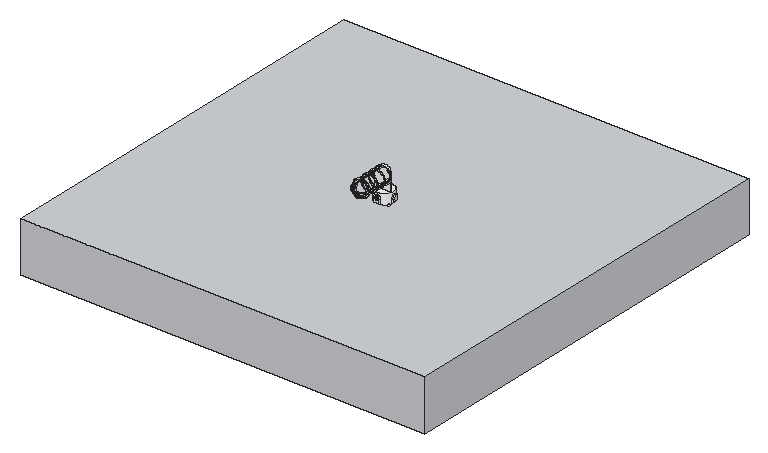
Revit family "VBGG", category Lighting Fixtures, host Face, Revit 2012
Parameters (values of type "VBGG-VWGG-Wall Mount")
  Wattage Comments = "150/300 W"
  Wattage = 9.2903 W
  built-in parameter 1150110 = 1 (stored number, unit not read)
  URL = "http://www.hubbelloutdoor.com/"
  built-in parameter 1114217 = 1 (stored number, unit not read)
  built-in parameter 1150109 = 1 (stored number, unit not read)
  built-in parameter 1150134 = 3
  built-in parameter 1150113 = 1 (stored number, unit not read)
  Product Page URL = "http://www.hubbelloutdoor.com/products/vaportites"
  Product Documentation Link = "http://www.hubbelloutdoor.com/content/products/specs/specs_files/vaportites.pdf"
  Mounting = "Wall Mount"  # constant formula
  Model = "VBGG"  # constant formula
  Manufacturer Phone = "(864)-678-1000"  # constant formula
  Manufacturer Fax = "(864)-678-1415"  # constant formula
  Manufacturer = "Hubbell Outdoor Lighting"  # constant formula
  built-in parameter 1150105 = 109.82 (stored number, unit not read)
  Lumens = 1380 lm
  built-in parameter 1150115 = 1 (stored number, unit not read)
  Light Source Symbol Size = 3.000"
  built-in parameter 1150137 = (empty or 0)
  built-in parameter 1150139 = (empty or 0)
  built-in parameter 1150112 = 1 (stored number, unit not read)
  built-in parameter 1150114 = 1 (stored number, unit not read)
  Lamp = "Incandescent."  # constant formula
  built-in parameter 1150132 = (empty or 0)
  built-in parameter 1150102 = (empty or 0)
  built-in parameter 1150107 = 3200 (stored number, unit not read)
  built-in parameter 1150138 = (empty or 0)
  built-in parameter 1150106 = 1.0982 (stored number, unit not read)
  Glass = Etched Glass
  Family = "Outdoor Emergency Lighting"  # constant formula
  built-in parameter 1150104 = 13.8 (stored number, unit not read)
  Dimming Lamp Color Temperature Shift = <None>
  Description = "Wall mount or box/pendent, units completely assembled. Complete with glass globe and guard. Platinum powder finish. 150 or 300 watt sizes."  # constant formula
  Default Elevation = 48.000"
  Color Filter = 16777215
  built-in parameter 1114218 = 1 (stored number, unit not read)
  Backbox = Platinum Powder Finish
  built-in parameter 1150133 = 10 (stored number, unit not read)
Reference planes (in)
  plane 1 "Center (Front/Back)": y = 0.03999
  plane 2: z = 0.06357
  plane 3 "Center (Left/Right)": x = 0.01104
  plane 4: y = -1.96001
  plane 5: y = 2.03999
  plane 6: z = 7.31357
  plane 7: z = 4.21382
  plane 8: z = 0.16585
  plane 9: z = 8.06357
  plane 10: x = 7.51104
  plane 11: through (2.01042, -0.36342, 48.06357) normal (-0.0015, -1, 0)
  plane 12: y = -8.71008
  plane 13: y = 2.28992
Forms (in)
  Extrusion 1, solid
    sketch origin (0, 0, 0.06357) x (1, 0, 0) y (0, 1, 0)
      loop
        line (-48, 48) -> (-48, -48) -> (48, -48) -> (48, 48) -> (-48, 48)
    from 0 to -12
  Revolve 2, solid, material "Etched Glass" <- "Glass"
    sketch origin (0.01348, 1.42081, 5.31579) x (0, 0, -1) y (-0.001549, -0.999999, 0)
      loop
        line (-1.79687, 1.90523) -> (-1.69687, 1.90523) -> (-1.69687, 8.39529)
        arc (-1.69687, 8.39529) -> (-1.19294, 9.58231) -> (0.01104, 10.04427) r 1.65
        line (0.01104, 10.04427) -> (0.01104, 10.14529) -> (-0.04687, 10.14529)
        arc (-0.04687, 10.14529) -> (-1.28431, 9.63272) -> (-1.79687, 8.39529) r 1.75
        line (-1.79687, 8.39529) -> (-1.79687, 1.90523)
      axis (0.01104, 1.90523) -> (0.01104, 10.14529)
    angle from 0 to 360
  Blend 3, solid, material "Platinum Powder Finish" <- "Backbox"
    base sketch origin (-0.02893, 0.05109, 0.06357) x (-0.001549, -0.999999, 0) y (0.999999, -0.001549, 0)
      loop
        circle (0, 0.03999) r 2.25
    top sketch origin (-0.02893, 0.05109, 0.06357) x (-0.001549, -0.999999, 0) y (0.999999, -0.001549, 0)
      loop
        circle (0, 0.03999) r 2.12014
    from 0 to 2.20647
  Sweep 4, solid, material "Platinum Powder Finish" <- "Backbox"
    path origin (0.05735, 1.64528, 5.31401) x (0.001549, 0.999999, 0) y (-0.999999, 0.001549, 0)
      loop
        line (-2.26895, -1.90654) -> (-8.4606, -1.91614)
        arc (-8.4606, -1.91614) -> (-9.77084, -1.3752) -> (-10.31381, -0.0658) r 1.85034
        line (-10.31381, -0.0658) -> (-10.31381, -0.00194) -> (-10.31381, 0.04189) -> (-10.31381, 0.14957)
        arc (-10.31381, 0.14957) -> (-9.77287, 1.45695) -> (-8.46633, 1.99991) r 1.85034
        line (-8.46633, 1.99991) -> (-2.27502, 2.0095)
    profile origin (1.96038, -3.72245, 5.31401) x (1, 0, 0) y (0, 0, 1)
      loop
        line (0.04179, 0.02975) -> (-0.10321, 0.02975) -> (-0.10321, -0.03025) -> (0.04179, -0.03025) -> (0.04179, 0.02975)
  Sweep 5, solid, material "Platinum Powder Finish" <- "Backbox"
    path origin (-0.0222, 3.79612, 5.29338) x (0, 0, -1) y (0.999999, -0.001549, 0)
      loop
        circle (-0.01137, 0.04) r 1.80791
    profile origin (1.82571, 3.79325, 5.30475) x (-0.001549, -0.999999, 0) y (0.999999, -0.001549, 0)
      loop
        line (6.02412, 0.19209) -> (6.02412, 0.04079) -> (6.08412, 0.04079) -> (6.08412, 0.19209) -> (6.02412, 0.19209)
  Sweep 6, solid, material "Platinum Powder Finish" <- "Backbox"
    path origin (-0.02966, -1.35686, 5.37194) x (0, 0, -1) y (0.999999, -0.001549, 0)
      loop
        circle (0.0672, 0.03999) r 1.80791
    profile origin (1.81824, -1.35972, 5.30475) x (-0.001549, -0.999999, 0) y (0.999999, -0.001549, 0)
      loop
        line (3.02501, 0.19209) -> (3.02501, 0.0469) -> (3.08501, 0.0469) -> (3.08501, 0.19209) -> (3.02501, 0.19209)
  Sweep 7, solid, material "Platinum Powder Finish" <- "Backbox"
    path origin (-0.03293, -3.7793, 5.3248) x (0, 0, -1) y (0.999999, -0.001549, 0)
      loop
        circle (0.02006, 0.03999) r 1.80791
    profile origin (1.81497, -3.78217, 5.30475) x (-0.001549, -0.999999, 0) y (0.999999, -0.001549, 0)
      loop
        line (3.02501, 0.19209) -> (3.02501, 0.0469) -> (3.08501, 0.0469) -> (3.08501, 0.19209) -> (3.02501, 0.19209)
  Extrusion 8, solid, material "Platinum Powder Finish" <- "Backbox"
    sketch origin (-0.01168, 0.01975, 0.06357) x (0.831405, -0.555667, 0) y (0.555667, 0.831405, 0)
      loop
        line (-2.2373, 0.26261) -> (-2.54608, 0.26261)
        arc (-2.54608, 0.26261) -> (-2.7687, 0.03999) -> (-2.54608, -0.18263) r 0.22262
        line (-2.54608, -0.18263) -> (-2.23757, -0.18263)
        arc (-2.23757, -0.18263) -> (-2.24848, 0.04) -> (-2.2373, 0.26261) r 2.25
      loop
        circle (-2.60687, 0.03999) r 0.11437
      loop
        arc (2.24076, 0.25841) -> (2.25152, 0.03578) -> (2.2402, -0.18683) r 2.25
        line (2.2402, -0.18683) -> (2.54507, -0.18683)
        arc (2.54507, -0.18683) -> (2.76769, 0.03579) -> (2.54507, 0.25841) r 0.22262
        line (2.54507, 0.25841) -> (2.24076, 0.25841)
      loop
        circle (2.60586, 0.03579) r 0.11437
    from 0 to 0.10229
  Extrusion 9, solid, material "Platinum Powder Finish" <- "Backbox"
    sketch origin (0.01106, 0.05103, 0) x (-0.001549, -0.999999, 0) y (0, 0, 1)
      loop
        line (-0.59394, 0.06357) -> (0.61602, 0.06357) -> (0.61602, 1.20668)
        arc (0.61602, 1.20668) -> (0.01104, 1.81166) -> (-0.59394, 1.20668) r 0.60498
        line (-0.59394, 1.20668) -> (-0.59394, 0.06357)
      loop
        circle (0.01104, 1.20668) r 0.40031
    from 2 to 2.24741
  Extrusion 10, solid, material "Platinum Powder Finish" <- "Backbox"
    sketch origin (0.01106, 0.05103, 0) x (-0.001549, -0.999999, 0) y (0, 0, 1)
      loop
        circle (0.01104, 1.20668) r 0.40031
      loop
        line (0.25108, 1.33256) -> (0.02477, 1.24271) -> (-0.06416, 1.4667) -> (-0.10982, 1.44857) -> (-0.02089, 1.22459) -> (-0.24954, 1.13381) -> (-0.23226, 1.09028) -> (-0.00361, 1.18106) -> (0.08975, 0.9459) -> (0.13541, 0.96403) -> (0.04205, 1.19918) -> (0.26836, 1.28903) -> (0.25108, 1.33256)
    from 2 to 2.24741
  Extrusion 11, solid, material "Platinum Powder Finish" <- "Backbox"
    sketch origin (0.01106, 0.05103, 0) x (-0.001549, -0.999999, 0) y (0, 0, -1)
      loop
        line (-0.59394, -0.06357) -> (-0.59394, -1.20668)
        arc (-0.59394, -1.20668) -> (0.01104, -1.81166) -> (0.61602, -1.20668) r 0.60498
        line (0.61602, -1.20668) -> (0.61602, -0.06357) -> (-0.59394, -0.06357)
      loop
        circle (0.01104, -1.20668) r 0.40031
    from 2 to 2.24741
  Extrusion 12, solid, material "Platinum Powder Finish" <- "Backbox"
    sketch origin (0.01106, 0.05103, 0) x (-0.001549, -0.999999, 0) y (0, 0, -1)
      loop
        circle (0.01104, -1.20668) r 0.40031
      loop
        line (0.25108, -1.33256) -> (0.26836, -1.28903) -> (0.04205, -1.19918) -> (0.13541, -0.96403) -> (0.08975, -0.9459) -> (-0.00361, -1.18106) -> (-0.23226, -1.09028) -> (-0.24954, -1.13381) -> (-0.02089, -1.22459) -> (-0.10982, -1.44857) -> (-0.06416, -1.4667) -> (0.02477, -1.24271) -> (0.25108, -1.33256)
    from 2 to 2.24741
  Extrusion 13, solid, material "Platinum Powder Finish" <- "Backbox"
    sketch origin (-0.00553, 4.28897, 0) x (-0.999999, 0.001549, 0) y (0, 0, -1)
      loop
        line (-0.59394, -0.06357) -> (-0.59394, -1.20668)
        arc (-0.59394, -1.20668) -> (0.01104, -1.81166) -> (0.61602, -1.20668) r 0.60498
        line (0.61602, -1.20668) -> (0.61602, -0.06357) -> (-0.59394, -0.06357)
      loop
        circle (0.01104, -1.20668) r 0.40031
    from 2 to 2.24741
  Extrusion 14, solid, material "Platinum Powder Finish" <- "Backbox"
    sketch origin (-0.00553, 4.29002, 0) x (-0.999999, 0.001549, 0) y (0, 0, -1)
      loop
        circle (0.01104, -1.20668) r 0.40031
      loop
        line (0.25108, -1.33256) -> (0.26836, -1.28903) -> (0.04205, -1.19918) -> (0.13541, -0.96403) -> (0.08975, -0.9459) -> (-0.00361, -1.18106) -> (-0.23226, -1.09028) -> (-0.24954, -1.13381) -> (-0.02089, -1.22459) -> (-0.10982, -1.44857) -> (-0.06416, -1.4667) -> (0.02477, -1.24271) -> (0.25108, -1.33256)
    from 2 to 2.24846
  Extrusion 15, solid, material "Platinum Powder Finish" <- "Backbox"
    sketch origin (-0.0187, -4.20997, 0) x (-0.999999, 0.001549, 0) y (0, 0, 1)
      loop
        line (-0.59394, 0.06357) -> (0.61602, 0.06357) -> (0.61602, 1.20668)
        arc (0.61602, 1.20668) -> (0.01104, 1.81166) -> (-0.59394, 1.20668) r 0.60498
        line (-0.59394, 1.20668) -> (-0.59394, 0.06357)
      loop
        circle (0.01104, 1.20668) r 0.40031
    from 2 to 2.24741
  Extrusion 16, solid, material "Platinum Powder Finish" <- "Backbox"
    sketch origin (-0.0187, -4.20997, 0) x (-0.999999, 0.001549, 0) y (0, 0, 1)
      loop
        circle (0.01104, 1.20668) r 0.40031
      loop
        line (0.25108, 1.33256) -> (0.02477, 1.24271) -> (-0.06416, 1.4667) -> (-0.10982, 1.44857) -> (-0.02089, 1.22459) -> (-0.24954, 1.13381) -> (-0.23226, 1.09028) -> (-0.00361, 1.18106) -> (0.08975, 0.9459) -> (0.13541, 0.96403) -> (0.04205, 1.19918) -> (0.26836, 1.28903) -> (0.25108, 1.33256)
    from 2 to 2.24741
  Extrusion 17, solid, material "Platinum Powder Finish" <- "Backbox"
    sketch origin (-0.02893, 0.05109, 0.06357) x (-0.001549, -0.999999, 0) y (0.999999, -0.001549, 0)
      loop
        line (0.53266, 1.84409) -> (0.27252, 1.84368)
        arc (0.27252, 1.84368) -> (-0.29343, 0.04242) -> (0.25942, -1.76291) r 3.18629
        line (0.25942, -1.76291) -> (0.53825, -1.76248) -> (0.53266, 1.84409)
    from 2.20647 to 7.15907
  Sweep 18, solid, material "Platinum Powder Finish" <- "Backbox"
    path origin (0.01328, 1.64534, 5.35758) x (0, 0, -1) y (0.001549, 0.999999, 0)
      loop
        line (-1.9142, -2.27197) -> (-1.9142, -8.4633)
        arc (-1.9142, -8.4633) -> (-1.37225, -9.77169) -> (-0.06386, -10.31364) r 1.85034
        line (-0.06386, -10.31364) -> (0, -10.31364) -> (0.04382, -10.31364) -> (0.15151, -10.31364)
        arc (0.15151, -10.31364) -> (1.4599, -9.77169) -> (2.00185, -8.4633) r 1.85034
        line (2.00185, -8.4633) -> (2.00185, -2.27197)
    profile origin (0.00496, -3.72229, 7.27178) x (0, 0, -1) y (0.999999, -0.001549, 0)
      loop
        line (-0.04179, -0.02975) -> (0.10321, -0.02975) -> (0.10321, 0.03025) -> (-0.04179, 0.03025) -> (-0.04179, -0.02975)
  Extrusion 19, void
    sketch origin (-0.02895, 0.04005, -0.90907) x (0.999999, -0.001549, 0) y (0, 0, 1)
      loop
        line (1.85481, 6.19283) -> (2.28999, 6.19283) -> (2.28999, 8.22173) -> (-2.21001, 8.22173) -> (-2.21001, 6.19283) -> (-1.77483, 6.19283)
        arc (-1.77483, 6.19283) -> (0.03999, 8.06864) -> (1.85481, 6.19283) r 1.81581
    from -1.07272 to 0.52938
  Extrusion 20, solid, material "Platinum Powder Finish" <- "Backbox"
    sketch origin (0, 0.03999, 0) x (1, 0, 0) y (0, 0, 1)
      loop
        arc (0.00228, 3.30475) -> (2.00706, 5.3047) -> (0.00237, 7.30474) r 2
        arc (0.00237, 7.30474) -> (-1.99294, 5.30479) -> (0.00228, 3.30475) r 2
    from 0.66661 to 0.52441
Cuts and joins
  Extrusion 19 cuts Sweep 7
  Extrusion 19 cuts Extrusion 9
  joined: Sweep 7, Extrusion 9
  Extrusion 19 cuts Sweep 4
  joined: Sweep 4, Sweep 18
  Extrusion 19 cuts Sweep 5
  Extrusion 19 cuts Sweep 6
  Extrusion 19 cuts Extrusion 17
  joined: Blend 3, Extrusion 13, Extrusion 15, Extrusion 17
Dimensions and locks (in)
  locked: plane 4 to plane 1 "Center (Front/Back)" at 2
  locked: plane 5 to plane 1 "Center (Front/Back)" at 2
  Extrusion 9 sketch curve to Extrusion 9 sketch curve = 1.20996"
  Extrusion 11 sketch curve to Extrusion 11 sketch curve = 1.20996"
  Extrusion 13 sketch curve to Extrusion 13 sketch curve = 1.20996"
  Extrusion 15 sketch curve to Extrusion 15 sketch curve = 1.20996"
  locked: plane 9 to level at 8
  Extrusion 1 to plane 6 = 7.250"
  locked: plane 13 to plane 12 at 11
  plane 1 "Center (Front/Back)" to Extrusion 17 = 0.52441"
  plane 3 "Center (Left/Right)" to Extrusion 17 = 1.80329"
  locked: plane 3 "Center (Left/Right)" to Extrusion 17 at 1.80329
  locked: plane 1 "Center (Front/Back)" to Extrusion 17 at 0.52441
  aligned and locked: plane 2 to Extrusion 1
  aligned and locked: Blend 3 to level
  aligned and locked: Sweep 5 sketch curve to Sweep 4
  aligned and locked: Extrusion 8 to level
  aligned and locked: plane 8 to Extrusion 8
  aligned and locked: Blend 3 to Extrusion 9
  aligned and locked: Extrusion 10 sketch curve to Extrusion 9  (x2)
  aligned and locked: Extrusion 10 sketch curve to Extrusion 10 sketch curve  (x2)
  aligned and locked: Extrusion 10 to Extrusion 9
  aligned and locked: Extrusion 12 sketch curve to Extrusion 11  (x2)
  aligned and locked: Extrusion 12 sketch curve to Extrusion 12 sketch curve  (x2)
  aligned and locked: Extrusion 11 to Extrusion 12
  aligned and locked: Extrusion 14 sketch curve to Extrusion 13  (x2)
  aligned and locked: Extrusion 14 sketch curve to Extrusion 14 sketch curve  (x2)
  aligned and locked: Extrusion 13 to Extrusion 14
  aligned and locked: Extrusion 16 sketch curve to Extrusion 15  (x2)
  aligned and locked: Extrusion 16 sketch curve to Extrusion 16 sketch curve  (x2)
  aligned and locked: Extrusion 16 to Extrusion 15
  aligned and locked: Extrusion 20 sketch curve to cut or joined group of Sweep 7, Extrusion 9, Extrusion 19
  aligned and locked: Extrusion 20 to Sweep 18 sketch curve  (x2)
  aligned and locked: Extrusion 20 to Sweep 4 sketch curve  (x2)
  aligned and locked: Sweep 4 to Extrusion 19
  aligned and locked: Extrusion 19 to Sweep 4
  aligned and locked: Extrusion 20 to cut or joined group of Sweep 4, Sweep 18, Extrusion 19
  aligned and locked: Extrusion 20 to Revolve 2
  aligned and locked: cut or joined group of Blend 3, Extrusion 13, Extrusion 15, Extrusion 17, Extrusion 19 to plane 13
  aligned and locked: cut or joined group of Blend 3, Extrusion 13, Extrusion 15, Extrusion 17, Extrusion 19 to cut or joined group of Blend 3, Extrusion 13, Extrusion 15, Extrusion 17, Extrusion 19  (x2)
  aligned and locked: Extrusion 17 to Revolve 2
  aligned and locked: Extrusion 8 sketch curve to cut or joined group of Blend 3, Extrusion 13, Extrusion 15, Extrusion 17, Extrusion 19  (x2)
Connectors (in)
  electrical at (0, 0, 0.06357), driven by "Description"
    settings: index 1, voltage 0 V, apparent load 0 VA, apparent load phase1 0 VA, apparent load phase2 0 VA, apparent load phase3 0 VA, power factor 1, load classification "Other", number of poles 1, system type 30, power factor state 1, is connector primary yes, connector utility no, sub classification motor no, connector description "Wall mount or box/pendent, units completely assembled. Complete with glass globe and guard. Platinum powder finish. 150 or 300 watt sizes."
